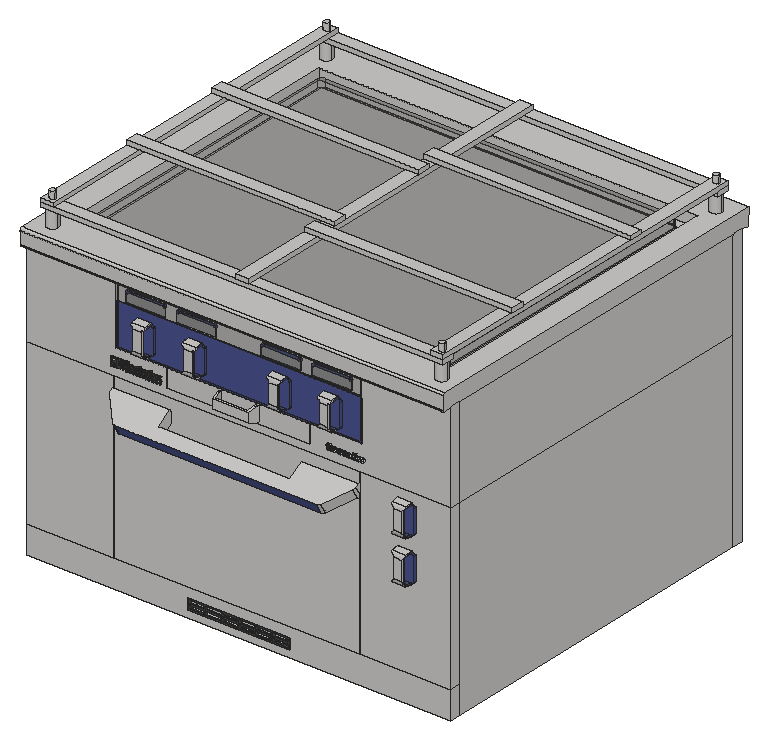
Revit family "QF_ELECTROLUXPROFESSIONAL_589884_MCLMEAJ8DM", category Specialty Equipment, Revit 2014 (continued)
Definition of nested family "Front_Panel_W1000_Four Knobs_Marine"
  Definition of nested family "Front glass control panel W1000_Marine"
    Dimensions and locks
      aligned and locked: Extrusion 5 sketch curve to Extrusion 4  (x5)
      aligned and locked: Extrusion 5 to Extrusion 4
      aligned and locked: Extrusion 7 sketch curve to Extrusion 6  (x5)
      aligned and locked: Extrusion 7 to Extrusion 6
      aligned and locked: Extrusion 9 sketch curve to Extrusion 8  (x4)
      aligned and locked: Extrusion 8 to Extrusion 9 sketch curve
      aligned and locked: Extrusion 9 to Extrusion 8
      aligned and locked: Extrusion 11 sketch curve to Extrusion 10  (x4)
      aligned and locked: Extrusion 10 to Extrusion 11 sketch curve
      aligned and locked: Extrusion 11 to Extrusion 10
  Definition of nested family "ELX_ThermaLine_Small"
    Parameters (values of type "ELX_ThermaLine_Small")
      Show Logo [instance] = yes
      Material_Logo [instance] = QF_Finishes_Black
      Default Elevation = 0 mm
    Reference planes
      plane 1 "Centro (Fronte/Retro)": y = 0
      plane 2: z = 0
      plane 3 "Centro (Sinistra/Destra)": x = 0
    Forms (mm)
      Extrusion 1, solid
        sketch origin (0, 0, 0) x (1, 0, 0) y (0, 1, 0)
          loop
            line (-1219.2, 1219.2) -> (-1219.2, -1219.2) -> (1219.2, -1219.2) -> (1219.2, 1219.2) -> (-1219.2, 1219.2)
        from 0 to -304.8
      Extrusion 2, solid, material "QF_Finishes_White"
        sketch origin (0, 0, 0) x (1, 0, 0) y (0, 1, 0)
          loop
            line (-37.494, 1.229) -> (-35.908, 1.229) -> (-35.908, 3.066) -> (-37.494, 3.066) -> (-37.494, 6.221) -> (-39.867, 4.881) -> (-39.867, 3.066) -> (-40.969, 3.066) -> (-40.969, 1.229) -> (-39.867, 1.229) -> (-39.867, -3.407)
            arc (-39.867, -3.407) -> (-38.982, -5.513) -> (-36.751, -6.001) r 2.478
            line (-36.751, -6.001) -> (-35.638, -5.7) -> (-35.9, -3.835) -> (-36.661, -4.039)
            arc (-36.661, -4.039) -> (-37.236, -3.924) -> (-37.494, -3.399) r 0.662
            line (-37.494, -3.399) -> (-37.494, 1.229)
          loop
            line (-34.242, 6.539) -> (-34.242, -5.848) -> (-31.854, -5.848) -> (-31.854, -0.078)
            arc (-31.854, -0.078) -> (-30.939, 1.249) -> (-29.33, 1.367) r 1.866
            arc (-29.33, 1.367) -> (-28.695, 0.768) -> (-28.461, -0.073) r 1.627
            line (-28.461, -0.073) -> (-28.461, -5.848) -> (-26.086, -5.848) -> (-26.064, -0.46)
            arc (-26.064, -0.46) -> (-26.261, 0.932) -> (-26.786, 2.237) r 5.825
            arc (-26.786, 2.237) -> (-29.381, 3.264) -> (-31.854, 1.971) r 3.353
            line (-31.854, 1.971) -> (-31.854, 6.539) -> (-34.242, 6.539)
          loop
            arc (-18.398, -0.598) -> (-18.893, 0.879) -> (-20.326, 1.487) r 1.897
            arc (-20.326, 1.487) -> (-21.461, 0.708) -> (-21.897, -0.598) r 2.164
            line (-21.897, -0.598) -> (-18.398, -0.598)
          loop
            arc (-16.021, -2.044) -> (-16.754, 1.227) -> (-19.444, 3.226) r 4.814
            arc (-19.444, 3.226) -> (-22.137, 2.788) -> (-23.943, 0.743) r 4.054
            arc (-23.943, 0.743) -> (-24.382, -1.249) -> (-24.162, -3.276) r 6.289
            arc (-24.162, -3.276) -> (-23.302, -4.71) -> (-21.958, -5.705) r 4.28
            arc (-21.958, -5.705) -> (-18.558, -5.814) -> (-16.152, -3.409) r 4.28
            line (-16.152, -3.409) -> (-18.5, -2.995)
            arc (-18.5, -2.995) -> (-19.273, -3.994) -> (-20.533, -4.076) r 1.536
            arc (-20.533, -4.076) -> (-21.56, -3.281) -> (-21.958, -2.044) r 2.197
            line (-21.958, -2.044) -> (-16.021, -2.044)
          loop
            line (-14.165, -5.848) -> (-11.819, -5.848) -> (-11.819, -2.138)
            arc (-11.819, -2.138) -> (-11.787, -1.156) -> (-11.637, -0.185) r 8.18
            arc (-11.637, -0.185) -> (-10.644, 0.972) -> (-9.132, 0.776) r 1.603
            line (-9.132, 0.776) -> (-8.419, 2.846)
            arc (-8.419, 2.846) -> (-10.432, 3.118) -> (-11.994, 1.821) r 2.527
            line (-11.994, 1.821) -> (-11.994, 3.094) -> (-14.165, 3.094) -> (-14.165, -5.848)
          loop
            line (-7.579, 3.094) -> (-7.579, -5.848) -> (-5.178, -5.848) -> (-5.178, -0.756)
            arc (-5.178, -0.756) -> (-4.727, 0.679) -> (-3.417, 1.419) r 2.05
            arc (-3.417, 1.419) -> (-2.499, 0.908) -> (-2.155, -0.085) r 1.471
            line (-2.155, -0.085) -> (-2.155, -5.848) -> (0.23, -5.848) -> (0.23, -1.001)
            arc (0.23, -1.001) -> (0.47, 0.127) -> (1.148, 1.061) r 2.775
            arc (1.148, 1.061) -> (2.225, 1.329) -> (3.05, 0.587) r 1.182
            arc (3.05, 0.587) -> (3.199, -0.019) -> (3.214, -0.642) r 2.894
            line (3.214, -0.642) -> (3.214, -5.848) -> (5.601, -5.848) -> (5.601, 0.261)
            arc (5.601, 0.261) -> (4.87, 2.263) -> (2.976, 3.241) r 2.932
            arc (2.976, 3.241) -> (1.284, 2.973) -> (-0.047, 1.896) r 3.309
            arc (-0.047, 1.896) -> (-1.116, 2.865) -> (-2.506, 3.258) r 3.16
            arc (-2.506, 3.258) -> (-4.105, 2.942) -> (-5.376, 1.92) r 3.419
            line (-5.376, 1.92) -> (-5.376, 3.094) -> (-7.579, 3.094)
          loop
            line (7.583, 0.738) -> (9.702, 0.364)
            arc (9.702, 0.364) -> (11.441, 1.492) -> (12.855, -0.023) r 1.613
            line (12.855, -0.023) -> (9.782, -0.789)
            arc (9.782, -0.789) -> (8.559, -1.346) -> (7.617, -2.305) r 3.687
            arc (7.617, -2.305) -> (7.499, -3.681) -> (7.901, -5.003) r 3.651
            arc (7.901, -5.003) -> (9.107, -5.766) -> (10.515, -6.006) r 3.635
            arc (10.515, -6.006) -> (11.898, -5.697) -> (13.067, -4.895) r 3.734
            line (13.067, -4.895) -> (13.376, -5.848) -> (15.75, -5.848) -> (15.212, -4.193) -> (15.212, 0.38)
            arc (15.212, 0.38) -> (14.897, 1.849) -> (13.818, 2.895) r 2.585
            arc (13.818, 2.895) -> (11.792, 3.442) -> (9.719, 3.11) r 5.005
            arc (9.719, 3.11) -> (8.369, 2.178) -> (7.583, 0.738) r 3.54
          loop
            line (19.723, -5.848) -> (22.233, -5.848) -> (24.854, 6.484) -> (22.345, 6.484) -> (19.723, -5.848)
          loop
            line (24.583, -5.848) -> (26.953, -5.848) -> (28.848, 3.066) -> (26.478, 3.066) -> (24.583, -5.848)
          loop
            line (27.204, 6.484) -> (26.741, 4.305) -> (29.111, 4.305) -> (29.575, 6.484) -> (27.204, 6.484)
          loop
            line (29.355, -5.848) -> (31.849, -5.848) -> (33.098, 0.028)
            arc (33.098, 0.028) -> (34.169, 1.306) -> (35.832, 1.422) r 2.132
            arc (35.832, 1.422) -> (36.324, 0.752) -> (36.383, -0.078) r 1.5
            line (36.383, -0.078) -> (35.157, -5.848) -> (37.536, -5.848) -> (38.936, 0.738)
            arc (38.936, 0.738) -> (38.775, 2.091) -> (37.825, 3.066) r 2.118
            arc (37.825, 3.066) -> (35.392, 3.175) -> (33.295, 1.937) r 4.271
            line (33.295, 1.937) -> (33.535, 3.066) -> (31.25, 3.066) -> (29.355, -5.848)
          loop
            line (42.792, -0.64) -> (46.589, -0.64)
            arc (46.589, -0.64) -> (46.639, 0.124) -> (46.327, 0.823) r 1.589
            arc (46.327, 0.823) -> (45.117, 1.521) -> (43.762, 1.183) r 1.865
            arc (43.762, 1.183) -> (43.141, 0.344) -> (42.792, -0.64) r 3.538
          loop
            line (42.565, -2.138) -> (48.593, -2.138)
            arc (48.593, -2.138) -> (48.58, 0.597) -> (46.983, 2.818) r 4.494
            arc (46.983, 2.818) -> (44.191, 3.28) -> (41.725, 1.891) r 4.26
            arc (41.725, 1.891) -> (40.503, -0.3) -> (40.284, -2.799) r 6.003
            arc (40.284, -2.799) -> (40.959, -4.468) -> (42.377, -5.576) r 3.482
            arc (42.377, -5.576) -> (44.265, -5.961) -> (46.152, -5.576) r 4.823
            arc (46.152, -5.576) -> (47.432, -4.731) -> (48.328, -3.485) r 4.245
            line (48.328, -3.485) -> (46.168, -3.105)
            arc (46.168, -3.105) -> (45.214, -4.072) -> (43.859, -4.181) r 1.953
            arc (43.859, -4.181) -> (42.821, -3.408) -> (42.565, -2.138) r 1.81
          loop
            line (12.868, -1.553) -> (10.216, -2.214)
            arc (10.216, -2.214) -> (9.747, -3.136) -> (10.216, -4.058) r 1.14
            arc (10.216, -4.058) -> (11.537, -4.249) -> (12.614, -3.46) r 1.763
            arc (12.614, -3.46) -> (12.858, -2.522) -> (12.868, -1.553) r 3.97
        from 0 to 1.6
    Dimensions and locks
      aligned and locked: plane 2 to Extrusion 1
      aligned and locked: level to Extrusion 1
  Definition of nested family "ELX_Professional_Logo_Small"
    Parameters (values of type "ELX_Professional_Logo_Small")
      Show Logo [instance] = yes
      Material_Logo [instance] = QF_Finishes_Black
      Default Elevation = 0 mm
    Reference planes
      plane 1 "Centro (Fronte/Retro)": y = 0
      plane 2: z = 0
      plane 3 "Centro (Sinistra/Destra)": x = 0
    Forms (mm)
      Extrusion 1, solid
        sketch origin (0, 0, 0) x (1, 0, 0) y (0, 1, 0)
          loop
            line (-1219.2, 1219.2) -> (-1219.2, -1219.2) -> (1219.2, -1219.2) -> (1219.2, 1219.2) -> (-1219.2, 1219.2)
        from 0 to -304.8
      Extrusion 2, solid, material "QF_Finishes_Black" <- "Material_Logo"
        sketch origin (15.5, 0, 0) x (1, 0, 0) y (0, 1, 0)
          loop
            spline (-42.99, -1.24) -> (-43.195, -1.231) -> (-43.415, -1.203) -> (-43.642, -1.152) -> (-43.87, -1.074) -> (-44.095, -0.966) -> (-44.309, -0.825) -> (-44.506, -0.647) -> (-44.681, -0.429) -> (-44.828, -0.167) -> (-44.94, 0.142) -> (-45.011, 0.501) -> (-45.037, 0.915)
            line (-45.037, 0.915) -> (-45.037, 2.748) -> (-38.984, 2.748) -> (-38.984, 5.086) -> (-45.038, 5.086) -> (-45.038, 8.489) -> (-38.599, 8.489) -> (-38.599, 10.82) -> (-47.515, 10.82) -> (-47.515, 1.021)
            spline (-47.515, 1.021) -> (-47.493, 0.418) -> (-47.425, -0.15) -> (-47.311, -0.682) -> (-47.15, -1.175) -> (-46.939, -1.628) -> (-46.678, -2.038) -> (-46.365, -2.404) -> (-46, -2.723) -> (-45.58, -2.995) -> (-45.105, -3.216) -> (-44.573, -3.385) -> (-43.983, -3.499)
            line (-43.983, -3.499) -> (-43.01, -3.569) -> (-38.426, -3.569) -> (-38.426, -1.24) -> (-42.99, -1.24)
          loop
            line (-36.666, 4.021) -> (-36.666, -3.573) -> (-34.188, -3.573) -> (-34.188, 10.824) -> (-36.666, 10.824) -> (-36.666, 4.021)
          loop
            spline (-21.915, 1.897) -> (-21.957, 2.615) -> (-22.082, 3.303) -> (-22.285, 3.955) -> (-22.563, 4.564) -> (-22.913, 5.124) -> (-23.331, 5.629) -> (-23.814, 6.074) -> (-24.359, 6.451) -> (-24.961, 6.755) -> (-25.618, 6.98) -> (-26.326, 7.119) -> (-27.081, 7.167)
            spline (-27.081, 7.167) -> (-27.853, 7.122) -> (-28.586, 6.99) -> (-29.275, 6.774) -> (-29.915, 6.478) -> (-30.5, 6.104) -> (-31.024, 5.657) -> (-31.483, 5.138) -> (-31.871, 4.553) -> (-32.182, 3.904) -> (-32.411, 3.194) -> (-32.552, 2.427) -> (-32.6, 1.606)
            spline (-32.6, 1.606) -> (-32.553, 0.805) -> (-32.416, 0.057) -> (-32.193, -0.637) -> (-31.887, -1.271) -> (-31.504, -1.843) -> (-31.048, -2.35) -> (-30.523, -2.788) -> (-29.934, -3.154) -> (-29.284, -3.444) -> (-28.579, -3.656) -> (-27.822, -3.785) -> (-27.019, -3.829)
            spline (-27.019, -3.829) -> (-26.627, -3.82) -> (-26.239, -3.79) -> (-25.856, -3.739) -> (-25.477, -3.663) -> (-25.103, -3.562) -> (-24.734, -3.432) -> (-24.369, -3.273) -> (-24.01, -3.082) -> (-23.655, -2.858) -> (-23.305, -2.597) -> (-22.96, -2.299) -> (-22.621, -1.962)
            line (-22.621, -1.962) -> (-24.114, -0.509)
            spline (-24.114, -0.509) -> (-24.311, -0.699) -> (-24.509, -0.872) -> (-24.71, -1.03) -> (-24.915, -1.172) -> (-25.126, -1.297) -> (-25.346, -1.407) -> (-25.576, -1.5) -> (-25.817, -1.576) -> (-26.072, -1.636) -> (-26.342, -1.678) -> (-26.629, -1.704) -> (-26.936, -1.713)
            spline (-26.936, -1.713) -> (-27.384, -1.691) -> (-27.805, -1.625) -> (-28.196, -1.518) -> (-28.556, -1.372) -> (-28.882, -1.187) -> (-29.174, -0.966) -> (-29.429, -0.71) -> (-29.645, -0.422) -> (-29.821, -0.102) -> (-29.955, 0.247) -> (-30.045, 0.623) -> (-30.089, 1.026)
            line (-30.089, 1.026) -> (-21.956, 1.026) -> (-21.915, 1.897)
          loop
            spline (-24.446, 2.769) -> (-24.47, 3.075) -> (-24.54, 3.37) -> (-24.654, 3.65) -> (-24.807, 3.913) -> (-24.996, 4.156) -> (-25.219, 4.376) -> (-25.472, 4.57) -> (-25.753, 4.736) -> (-26.057, 4.869) -> (-26.382, 4.968) -> (-26.724, 5.03) -> (-27.081, 5.051)
            spline (-27.081, 5.051) -> (-27.464, 5.03) -> (-27.832, 4.97) -> (-28.183, 4.872) -> (-28.513, 4.74) -> (-28.819, 4.577) -> (-29.099, 4.384) -> (-29.347, 4.165) -> (-29.563, 3.923) -> (-29.742, 3.659) -> (-29.881, 3.377) -> (-29.977, 3.079) -> (-30.027, 2.769)
            line (-30.027, 2.769) -> (-24.446, 2.769)
          loop
            spline (-18.167, 1.669) -> (-18.138, 2.13) -> (-18.055, 2.567) -> (-17.921, 2.978) -> (-17.739, 3.358) -> (-17.512, 3.705) -> (-17.243, 4.016) -> (-16.937, 4.287) -> (-16.596, 4.517) -> (-16.223, 4.7) -> (-15.823, 4.835) -> (-15.398, 4.919) -> (-14.951, 4.947)
            spline (-14.951, 4.947) -> (-14.677, 4.938) -> (-14.414, 4.913) -> (-14.162, 4.871) -> (-13.921, 4.812) -> (-13.69, 4.738) -> (-13.467, 4.649) -> (-13.254, 4.544) -> (-13.048, 4.424) -> (-12.85, 4.291) -> (-12.659, 4.143) -> (-12.474, 3.981) -> (-12.295, 3.806)
            line (-12.295, 3.806) -> (-10.76, 5.403)
            spline (-10.76, 5.403) -> (-11.065, 5.709) -> (-11.38, 5.984) -> (-11.703, 6.228) -> (-12.035, 6.443) -> (-12.375, 6.63) -> (-12.723, 6.788) -> (-13.078, 6.92) -> (-13.44, 7.026) -> (-13.809, 7.107) -> (-14.184, 7.164) -> (-14.564, 7.198) -> (-14.951, 7.209)
            spline (-14.951, 7.209) -> (-15.725, 7.161) -> (-16.467, 7.02) -> (-17.169, 6.792) -> (-17.826, 6.482) -> (-18.43, 6.096) -> (-18.976, 5.637) -> (-19.455, 5.112) -> (-19.862, 4.525) -> (-20.19, 3.882) -> (-20.433, 3.189) -> (-20.584, 2.449) -> (-20.635, 1.669)
            spline (-20.635, 1.669) -> (-20.584, 0.889) -> (-20.433, 0.149) -> (-20.19, -0.545) -> (-19.862, -1.187) -> (-19.455, -1.774) -> (-18.976, -2.299) -> (-18.43, -2.758) -> (-17.826, -3.145) -> (-17.169, -3.454) -> (-16.467, -3.682) -> (-15.725, -3.823) -> (-14.951, -3.871)
            spline (-14.951, -3.871) -> (-14.564, -3.86) -> (-14.184, -3.826) -> (-13.809, -3.77) -> (-13.44, -3.689) -> (-13.078, -3.583) -> (-12.723, -3.451) -> (-12.375, -3.292) -> (-12.035, -3.105) -> (-11.703, -2.89) -> (-11.38, -2.646) -> (-11.065, -2.371) -> (-10.76, -2.066)
            line (-10.76, -2.066) -> (-12.295, -0.468)
            spline (-12.295, -0.468) -> (-12.474, -0.643) -> (-12.659, -0.805) -> (-12.85, -0.953) -> (-13.048, -1.087) -> (-13.254, -1.206) -> (-13.467, -1.311) -> (-13.69, -1.4) -> (-13.921, -1.475) -> (-14.162, -1.533) -> (-14.414, -1.575) -> (-14.677, -1.6) -> (-14.951, -1.609)
            spline (-14.951, -1.609) -> (-15.398, -1.581) -> (-15.823, -1.497) -> (-16.223, -1.362) -> (-16.596, -1.179) -> (-16.937, -0.95) -> (-17.243, -0.678) -> (-17.512, -0.367) -> (-17.739, -0.02) -> (-17.921, 0.36) -> (-18.055, 0.771) -> (-18.138, 1.208) -> (-18.167, 1.669)
          loop
            spline (-4.441, -1.243) -> (-4.659, -1.247) -> (-4.894, -1.23) -> (-5.137, -1.19) -> (-5.384, -1.121) -> (-5.628, -1.021) -> (-5.864, -0.884) -> (-6.084, -0.708) -> (-6.283, -0.488) -> (-6.454, -0.219) -> (-6.592, 0.101) -> (-6.69, 0.478) -> (-6.742, 0.914)
            line (-6.742, 0.914) -> (-6.742, 4.587) -> (-4.487, 4.587) -> (-4.487, 6.838) -> (-6.738, 6.838) -> (-6.738, 10.824) -> (-9.217, 10.824) -> (-9.217, 0.773)
            spline (-9.217, 0.773) -> (-9.164, 0.19) -> (-9.068, -0.358) -> (-8.928, -0.87) -> (-8.742, -1.343) -> (-8.511, -1.777) -> (-8.232, -2.168) -> (-7.904, -2.515) -> (-7.527, -2.816) -> (-7.098, -3.069) -> (-6.618, -3.273) -> (-6.084, -3.426) -> (-5.496, -3.525)
            line (-5.496, -3.525) -> (-4.45, -3.573) -> (-4.441, -1.243)
          loop
            spline (3.898, 6.983) -> (3.469, 7.009) -> (3.056, 7.001) -> (2.661, 6.961) -> (2.283, 6.888) -> (1.925, 6.785) -> (1.588, 6.652) -> (1.272, 6.49) -> (0.979, 6.301) -> (0.71, 6.085) -> (0.465, 5.844) -> (0.247, 5.578) -> (0.056, 5.289)
            line (0.056, 5.289) -> (0.056, 6.838) -> (-2.402, 6.838) -> (-2.402, -3.572) -> (0.056, -3.572) -> (0.056, 1.901)
            spline (0.056, 1.901) -> (0.079, 2.316) -> (0.145, 2.703) -> (0.254, 3.06) -> (0.404, 3.386) -> (0.592, 3.679) -> (0.818, 3.938) -> (1.08, 4.162) -> (1.375, 4.348) -> (1.703, 4.495) -> (2.062, 4.602) -> (2.45, 4.668) -> (2.865, 4.69)
            line (2.865, 4.69) -> (3.898, 4.586) -> (3.898, 6.983)
          loop
            spline (15.638, 1.633) -> (15.586, 2.396) -> (15.435, 3.124) -> (15.192, 3.81) -> (14.863, 4.449) -> (14.455, 5.034) -> (13.975, 5.56) -> (13.43, 6.021) -> (12.826, 6.411) -> (12.17, 6.724) -> (11.469, 6.955) -> (10.729, 7.098) -> (9.958, 7.147)
            spline (9.958, 7.147) -> (9.182, 7.098) -> (8.44, 6.955) -> (7.737, 6.724) -> (7.081, 6.411) -> (6.477, 6.021) -> (5.933, 5.56) -> (5.454, 5.034) -> (5.048, 4.449) -> (4.721, 3.81) -> (4.479, 3.124) -> (4.329, 2.396) -> (4.277, 1.633)
            spline (4.277, 1.633) -> (4.329, 0.869) -> (4.479, 0.141) -> (4.721, -0.544) -> (5.048, -1.183) -> (5.454, -1.768) -> (5.933, -2.294) -> (6.477, -2.755) -> (7.081, -3.145) -> (7.737, -3.459) -> (8.44, -3.69) -> (9.182, -3.833) -> (9.958, -3.882)
            spline (9.958, -3.882) -> (10.729, -3.833) -> (11.469, -3.69) -> (12.17, -3.459) -> (12.826, -3.145) -> (13.43, -2.755) -> (13.975, -2.294) -> (14.455, -1.768) -> (14.863, -1.183) -> (15.192, -0.544) -> (15.435, 0.141) -> (15.586, 0.869) -> (15.638, 1.633)
          loop
            spline (13.18, 1.633) -> (13.151, 2.083) -> (13.067, 2.513) -> (12.932, 2.918) -> (12.748, 3.296) -> (12.52, 3.642) -> (12.251, 3.954) -> (11.943, 4.227) -> (11.601, 4.459) -> (11.228, 4.645) -> (10.828, 4.782) -> (10.403, 4.867) -> (9.958, 4.896)
            spline (9.958, 4.896) -> (9.509, 4.867) -> (9.081, 4.782) -> (8.679, 4.645) -> (8.306, 4.459) -> (7.964, 4.227) -> (7.658, 3.954) -> (7.39, 3.642) -> (7.163, 3.296) -> (6.981, 2.918) -> (6.847, 2.513) -> (6.765, 2.083) -> (6.736, 1.633)
            spline (6.736, 1.633) -> (6.765, 1.182) -> (6.847, 0.753) -> (6.981, 0.347) -> (7.163, -0.031) -> (7.39, -0.377) -> (7.658, -0.689) -> (7.964, -0.962) -> (8.306, -1.193) -> (8.679, -1.38) -> (9.081, -1.517) -> (9.509, -1.602) -> (9.958, -1.631)
            spline (9.958, -1.631) -> (10.403, -1.602) -> (10.828, -1.517) -> (11.228, -1.38) -> (11.601, -1.193) -> (11.943, -0.962) -> (12.251, -0.689) -> (12.52, -0.377) -> (12.748, -0.031) -> (12.932, 0.347) -> (13.067, 0.753) -> (13.151, 1.182) -> (13.18, 1.633)
          loop
            line (17.162, 4.269) -> (17.162, -3.573) -> (19.642, -3.573) -> (19.642, 10.824) -> (17.162, 10.824) -> (17.162, 4.269)
          loop
            line (28.581, 6.838) -> (28.581, 0.786)
            spline (28.581, 0.786) -> (28.561, 0.393) -> (28.503, 0.038) -> (28.409, -0.279) -> (28.281, -0.559) -> (28.122, -0.802) -> (27.933, -1.011) -> (27.717, -1.185) -> (27.476, -1.325) -> (27.213, -1.433) -> (26.929, -1.509) -> (26.626, -1.554) -> (26.308, -1.569)
            spline (26.308, -1.569) -> (25.99, -1.554) -> (25.688, -1.509) -> (25.404, -1.434) -> (25.141, -1.326) -> (24.9, -1.187) -> (24.684, -1.014) -> (24.496, -0.807) -> (24.336, -0.565) -> (24.209, -0.288) -> (24.115, 0.026) -> (24.057, 0.376) -> (24.037, 0.765)
            line (24.037, 0.765) -> (24.037, 6.838) -> (21.537, 6.838) -> (21.537, 0.558)
            spline (21.537, 0.558) -> (21.581, -0.153) -> (21.71, -0.8) -> (21.916, -1.384) -> (22.195, -1.904) -> (22.54, -2.362) -> (22.944, -2.757) -> (23.403, -3.09) -> (23.909, -3.362) -> (24.456, -3.572) -> (25.04, -3.722) -> (25.652, -3.811) -> (26.288, -3.841)
            spline (26.288, -3.841) -> (26.929, -3.811) -> (27.547, -3.72) -> (28.135, -3.568) -> (28.687, -3.355) -> (29.197, -3.079) -> (29.66, -2.741) -> (30.068, -2.341) -> (30.415, -1.877) -> (30.696, -1.349) -> (30.905, -0.757) -> (31.034, -0.101) -> (31.079, 0.621)
            line (31.079, 0.621) -> (31.079, 6.838) -> (28.581, 6.838)
          loop
            line (40.457, -0.243) -> (38.894, 1.942) -> (40.83, 4.579) -> (42.488, 6.837) -> (39.782, 6.837) -> (37.53, 3.719) -> (35.258, 6.837) -> (32.573, 6.837) -> (34.113, 4.731) -> (36.167, 1.922) -> (34.014, -1.076) -> (32.222, -3.573) -> (34.887, -3.573) -> (37.53, 0.104) -> (40.174, -3.573) -> (42.839, -3.573) -> (40.457, -0.243)
          loop
            line (-46.121, -5.837) -> (-48.039, -5.837) -> (-48.039, -10.814) -> (-47.016, -10.814) -> (-47.016, -9.128) -> (-46.121, -9.128)
            arc (-46.121, -9.128) -> (-44.476, -7.482) -> (-46.121, -5.837) r 1.645
          loop
            line (-46.163, -6.778) -> (-47.016, -6.778) -> (-47.016, -8.187) -> (-46.163, -8.187)
            arc (-46.163, -8.187) -> (-45.458, -7.482) -> (-46.163, -6.778) r 0.704
          loop
            line (-38.313, -5.837) -> (-40.265, -5.837) -> (-40.265, -10.814) -> (-39.241, -10.814) -> (-39.241, -9.1) -> (-38.46, -9.182) -> (-37.48, -10.814) -> (-36.318, -10.814) -> (-37.513, -8.848)
            arc (-37.513, -8.848) -> (-36.888, -8.266) -> (-36.671, -7.441) r 1.536
            arc (-36.671, -7.441) -> (-37.165, -6.305) -> (-38.313, -5.837) r 1.643
          loop
            arc (-38.402, -8.166) -> (-37.707, -7.505) -> (-38.334, -6.778) r 0.696
            line (-38.334, -6.778) -> (-39.241, -6.778) -> (-39.241, -8.166) -> (-38.402, -8.166)
          loop
            circle (-29.965, -8.325) r 2.585
          loop
            circle (-29.965, -8.325) r 1.64
          loop
            line (-23.1, -5.837) -> (-23.1, -10.814) -> (-22.076, -10.814) -> (-22.076, -8.768) -> (-20.204, -8.768) -> (-20.204, -7.828) -> (-22.076, -7.828) -> (-22.076, -6.778) -> (-20.024, -6.778) -> (-20.024, -5.837) -> (-23.1, -5.837)
          loop
            line (-15.802, -5.837) -> (-15.802, -9.2)
            arc (-15.802, -9.2) -> (-15.343, -10.34) -> (-14.209, -10.814) r 1.593
            line (-14.209, -10.814) -> (-12.602, -10.814) -> (-12.602, -10.027) -> (-14.004, -10.027)
            arc (-14.004, -10.027) -> (-14.552, -9.8) -> (-14.779, -9.252) r 0.775
            line (-14.779, -9.252) -> (-14.779, -8.424) -> (-12.789, -8.424) -> (-12.789, -7.642) -> (-14.779, -7.642) -> (-14.779, -6.778) -> (-12.651, -6.778) -> (-12.651, -5.837) -> (-15.802, -5.837)
          loop
            line (-5.909, -7.143) -> (-5.173, -6.638)
            arc (-5.173, -6.638) -> (-5.855, -5.974) -> (-6.781, -5.755) r 1.782
            arc (-6.781, -5.755) -> (-7.397, -5.878) -> (-7.944, -6.189) r 1.974
            arc (-7.944, -6.189) -> (-8.202, -6.5) -> (-8.317, -6.888) r 1.013
            arc (-8.317, -6.888) -> (-8.306, -7.341) -> (-8.192, -7.78) r 1.985
            arc (-8.192, -7.78) -> (-7.749, -8.259) -> (-7.171, -8.563) r 1.928
            arc (-7.171, -8.563) -> (-6.637, -8.779) -> (-6.131, -9.056) r 5.041
            arc (-6.131, -9.056) -> (-5.934, -9.387) -> (-6.09, -9.74) r 0.42
            arc (-6.09, -9.74) -> (-6.631, -9.96) -> (-7.204, -9.845) r 1.016
            arc (-7.204, -9.845) -> (-7.625, -9.603) -> (-7.889, -9.196) r 1.033
            line (-7.889, -9.196) -> (-8.67, -9.686)
            arc (-8.67, -9.686) -> (-8.361, -10.198) -> (-7.908, -10.589) r 1.914
            arc (-7.908, -10.589) -> (-7.334, -10.834) -> (-6.714, -10.896) r 2.063
            arc (-6.714, -10.896) -> (-5.947, -10.743) -> (-5.256, -10.376) r 2.696
            arc (-5.256, -10.376) -> (-4.95, -9.565) -> (-5.108, -8.712) r 1.618
            arc (-5.108, -8.712) -> (-5.448, -8.319) -> (-5.884, -8.035) r 1.876
            arc (-5.884, -8.035) -> (-6.434, -7.789) -> (-6.999, -7.577) r 9.883
            arc (-6.999, -7.577) -> (-7.325, -7.07) -> (-6.854, -6.694) r 0.45
            arc (-6.854, -6.694) -> (-6.329, -6.809) -> (-5.909, -7.143) r 1.197
          loop
            line (1.61, -7.143) -> (2.345, -6.638)
            arc (2.345, -6.638) -> (1.663, -5.974) -> (0.737, -5.755) r 1.782
            arc (0.737, -5.755) -> (0.121, -5.878) -> (-0.425, -6.189) r 1.974
            arc (-0.425, -6.189) -> (-0.683, -6.5) -> (-0.799, -6.888) r 1.013
            arc (-0.799, -6.888) -> (-0.788, -7.341) -> (-0.674, -7.78) r 1.985
            arc (-0.674, -7.78) -> (-0.231, -8.259) -> (0.347, -8.563) r 1.928
            arc (0.347, -8.563) -> (0.881, -8.779) -> (1.387, -9.056) r 5.041
            arc (1.387, -9.056) -> (1.584, -9.387) -> (1.428, -9.74) r 0.42
            arc (1.428, -9.74) -> (0.887, -9.96) -> (0.314, -9.845) r 1.016
            arc (0.314, -9.845) -> (-0.107, -9.603) -> (-0.371, -9.196) r 1.033
            line (-0.371, -9.196) -> (-1.152, -9.686)
            arc (-1.152, -9.686) -> (-0.842, -10.198) -> (-0.39, -10.589) r 1.914
            arc (-0.39, -10.589) -> (0.184, -10.834) -> (0.804, -10.896) r 2.063
            arc (0.804, -10.896) -> (1.572, -10.743) -> (2.263, -10.376) r 2.696
            arc (2.263, -10.376) -> (2.568, -9.565) -> (2.411, -8.712) r 1.618
            arc (2.411, -8.712) -> (2.07, -8.319) -> (1.635, -8.035) r 1.876
            arc (1.635, -8.035) -> (1.084, -7.789) -> (0.519, -7.577) r 9.883
            arc (0.519, -7.577) -> (0.193, -7.07) -> (0.665, -6.694) r 0.45
            arc (0.665, -6.694) -> (1.189, -6.809) -> (1.61, -7.143) r 1.197
          loop
            line (6.801, -5.837) -> (6.801, -10.814) -> (7.825, -10.814) -> (7.825, -5.837) -> (6.801, -5.837)
          loop
            circle (14.724, -8.325) r 1.548
          loop
            circle (14.724, -8.325) r 2.585
          loop
            line (21.59, -10.814) -> (22.623, -10.814) -> (22.623, -7.685) -> (24.9, -10.814) -> (25.895, -10.814) -> (25.895, -5.837) -> (24.861, -5.837) -> (24.861, -9.061) -> (22.585, -5.837) -> (21.59, -5.837) -> (21.59, -10.814)
          loop
            line (31.054, -10.814) -> (31.539, -9.74) -> (33.38, -9.74) -> (33.865, -10.814) -> (34.965, -10.814) -> (32.46, -5.837) -> (29.956, -10.814) -> (31.054, -10.814)
          loop
            line (32.46, -7.698) -> (31.999, -8.719) -> (32.921, -8.719) -> (32.46, -7.698)
          loop
            line (40.047, -9.873) -> (40.047, -5.837) -> (39.024, -5.837) -> (39.024, -10.814) -> (41.961, -10.814) -> (41.961, -9.873) -> (40.047, -9.873)
          loop
            line (-74.986, -10.814) -> (-53.322, -10.814) -> (-53.322, 10.82) -> (-74.986, 10.82) -> (-74.986, -10.814)
          loop
            line (-61.261, 9.758) -> (-61.261, -9.707)
            arc (-61.261, -9.707) -> (-54.066, 0.025) -> (-61.261, 9.758) r 10.18
          loop
            line (-62.251, 8.349) -> (-62.251, 9.758)
            arc (-62.251, 9.758) -> (-70.347, 7.918) -> (-74.247, 0.59) r 9.976
            line (-74.247, 0.59) -> (-71.026, 0.59)
            arc (-71.026, 0.59) -> (-65.274, 2.925) -> (-62.251, 8.349) r 9.351
          loop
            arc (-74.247, -0.539) -> (-70.353, -7.928) -> (-62.251, -9.957) r 10.237
            line (-62.251, -9.957) -> (-62.251, -8.298)
            arc (-62.251, -8.298) -> (-65.274, -2.874) -> (-71.026, -0.539) r 9.351
            line (-71.026, -0.539) -> (-74.247, -0.539)
        from 0 to 1.644
    Dimensions and locks
      aligned and locked: plane 2 to Extrusion 1
      aligned and locked: level to Extrusion 1
